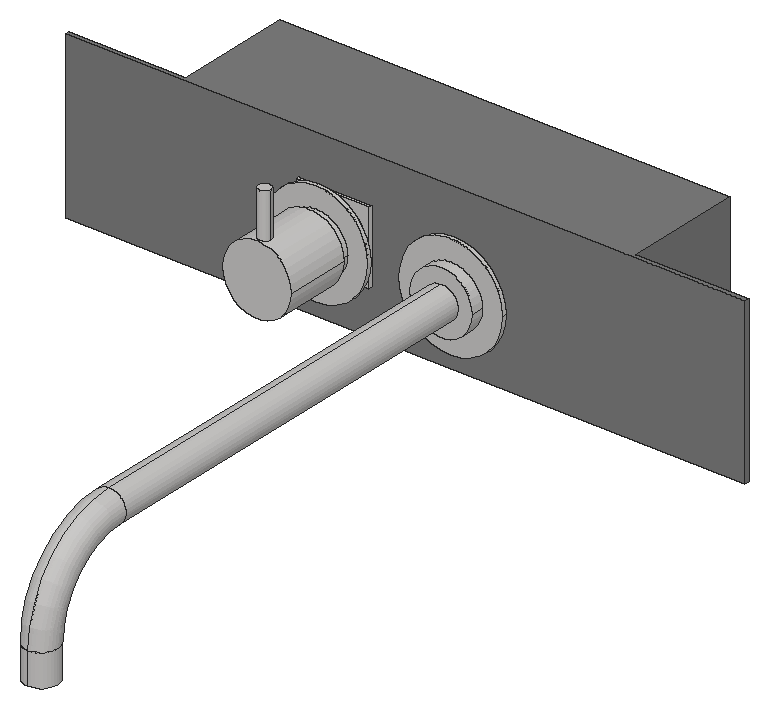
Revit family "121-300", category Plumbing Fixtures, Revit 2021
Family settings
  Round Connector Dimension = Use Diameter
  Part Type = Normal
  Work Plane-Based = No
  Always vertical = Yes
  Cut with Voids When Loaded = No
  Shared = No
  Room Calculation Point = No
Parameters
  e-mail = "info@vola.com"
  URL = "http://vola.com"
  Telephone = "+45 7023 5500"
  Quality management standard = "ISO 9001"
  Organisation no. / DUNS no. = "17531328"
  Occupational health and safety management standard = "ISO 18001"
  Mounting Instructions = "http://vola.com/service/producturl.ashx?name=121%2f300"
  Model = "121/300"
  Mixer Offset [instance] = 12.00 mm
  Mixer = yes
  Materials and components information = "http://vola.com/service/producturl.ashx?name=121%2f300"
  Manufacturer = "VOLA A/S"
  Maintenance Instructions = "http://vola.com/service/producturl.ashx?name=121%2f300"
  Guarantee = "2 years"
  Flow = "5,00 l/min"
  Environmental management standard = "ISO 14000"
  Default Elevation = 0.00 mm
  Connection - All relevant connections = "½\" for water connection"
  Approvals = "http://vola.com/service/producturl.ashx?name=121%2f300"
Reference planes
  plane 1 "Center (Front/Back)": y = 0
  plane 2: z = 0
  plane 3 "Center (Left/Right)": x = 0
  plane 4 "Mixer plane": y = 12
  plane 5 "Wall Surface": y = 0
Forms (mm)
  Extrusion 1, solid, material "Stainless Steel", visible <- "Mixer"
    sketch origin (16.5, 10, 0) x (0, 0, 1) y (-1, 0, 0)
      loop
        circle (0, 16.5) r 16.5
    from 0 to 10
  Extrusion 2, solid, material "Stainless Steel", visible <- "Mixer"
    sketch origin (-99, 10, 21) x (-1, 0, 0) y (0, 0, -1)
      loop
        circle (-21, 21) r 19.5
    from 0 to 10
Dimensions and locks
  "Mixer Offset": plane 4 "Mixer plane" to plane 1 "Center (Front/Back)"
  aligned and locked: plane 2 to level
  aligned and locked: nested 4 to nested 4
  aligned and locked: nested 1 to plane 4 "Mixer plane"
  aligned and locked: nested 2 to plane 1 "Center (Front/Back)"
  aligned and locked: nested 3 to plane 1 "Center (Front/Back)"
  aligned and locked: plane 1 "Center (Front/Back)" to Extrusion 1
  aligned and locked: plane 1 "Center (Front/Back)" to Extrusion 2
Automatic sketch dimensions
  Extrusion 2 sketch curve to Extrusion 2 sketch curve = 0.00 mm  (x2)
  Extrusion 2 sketch curve to nested 1 = 1.50 mm
  Extrusion 2 sketch curve to nested 1 = 21.00 mm
  Extrusion 2 sketch curve to Extrusion 2 sketch curve = 19.50 mm
  radius of Extrusion 1 sketch curve to nested 1 = 0.00 mm
Nested families
  nested 1: "100" at (-39, 82.5, -70), visible <- "Mixer", type "100"
  nested 2: "001" at (0, 0, 0) x (-1, 0, 0) z (0, -1, 0), type "001"
  nested 3: "3001" at (-78, 0, 0) x (0, 0, 1) z (0, -1, 0), type "3001"
  nested 4: "NR28" at (-78, -2, 0), type "NR28"
  nested 5: "020-300" at (0, -2, 0), type "020-300"
Connectors
  piping at (-51, 57.5, -70), diameter 28
    settings: on nested 1, index 1, connector inside diameter 1.10236", connector length 0.00 mm, flow factor 0, pipe flow 0 GPM, pressure drop 0.00 psi, fitting loss kfactor 0, connector angle 0.00°, fixture units 0, engagement length 0.00 mm, angle of deflection 0.00°, flow configuration 0, flow direction 1, fitting loss method 0, system type 20, joint type 0, gender type 0, connector reference index -1, connector utility 0, adjustable connector no, is connector primary yes, connector description ""
  piping at (-105, 57.5, -70), diameter 28
    settings: on nested 1, index 2, connector inside diameter 1.10236", connector length 0.00 mm, flow factor 0, pipe flow 0 GPM, pressure drop 0.00 psi, fitting loss kfactor 0, connector angle 0.00°, fixture units 0, engagement length 0.00 mm, angle of deflection 0.00°, flow configuration 0, flow direction 1, fitting loss method 0, system type 19, joint type 0, gender type 0, connector reference index -1, connector utility 0, adjustable connector no, is connector primary no, connector description ""
Definition of nested family "100"
  Parameters
    e-mail = "info@vola.com"
    URL = "http://vola.com"
    Telephone = "+45 7023 5500"
    Quality management standard = "ISO 9001"
    Organisation no. / DUNS no. = "17531328"
    Occupational health and safety management standard = "ISO 18001"
    Mounting Instructions = "http://vola.com/service/producturl.ashx?name=100"
    Model = "100"
    Materials and components information = "http://vola.com/service/producturl.ashx?name=100"
    Manufacturer = "VOLA A/S"
    Maintenance Instructions = "http://vola.com/service/producturl.ashx?name=100"
    Guarantee = "2 years"
    Flow = "18,00 l/min"
    Environmental management standard = "ISO 14000"
    Default Elevation = 0.00 mm
    Connection - All relevant connections = ""
    Approvals = "http://vola.com/service/producturl.ashx?name=100"
  Reference planes
    plane 1 "Center (Front/Back)": y = 0
    plane 2: z = 0
    plane 3 "Center (Left/Right)": x = 0
    plane 4 "Front Plane": y = -72.5
    plane 5 "Inlet Center Plane": y = -25
    plane 6: z = 70
  Forms (mm)
    Extrusion 1, solid
      sketch origin (0, 0, 1) x (1, 0, 0) y (0, 0, 1)
        loop
          circle (39, 69) r 16.5
      from 70.5 to 72.5
    Extrusion 2, solid
      sketch origin (1032.5, -2.5, 1) x (-1, 0, 0) y (0, 0, -1)
        loop
          line (1092.5, -90) -> (1092.5, -48) -> (1050.5, -48) -> (1050.5, -90) -> (1092.5, -90)
      from 68 to 70
    Extrusion 3, solid
      sketch origin (0, 0, 1) x (1, 0, 0) y (0, 1, 0)
        loop
          line (-127.5, 0) -> (-127.5, -68) -> (132.5, -68) -> (132.5, 0) -> (-127.5, 0)
      from 21.5 to 116.5
    Extrusion 4, solid
      sketch origin (0, 0, 22.5) x (0, 1, 0) y (1, 0, 0)
        loop
          circle (-25, -12) r 14
      from 0 to 22.5
    Extrusion 5, solid
      sketch origin (-54, 0, 22.5) x (0, 1, 0) y (1, 0, 0)
        loop
          circle (-25, -12) r 14
      from 0 to 22.5
    Extrusion 6, solid
      sketch origin (0, 0, 1) x (1, 0, 0) y (0, 1, 0)
        loop
          line (-195, -68) -> (-195, -70.5) -> (197.5, -70.5) -> (197.5, -68) -> (-195, -68)
      from 21.5 to 116.5
  Cuts and joins
    joined: Extrusion 3, Extrusion 6
  Lines and regions (mm)
    reference lines
      curve 1: line (-39, -25, 70) -> (-39, -122.5, 70)
      curve 2: line (39, -25, 70) -> (39, -122.5, 70)
      curve 3: line (-66, -25, 70) -> (-66, -25, -29)
      curve 4: line (-12, -25, 70) -> (-12, -25, -29)
  Dimensions and locks
    aligned and locked: plane 2 to level
    aligned and locked: plane 6 to curve 4
    aligned and locked: plane 6 to curve 3
    aligned and locked: Extrusion 3 to Extrusion 6
    aligned and locked: Extrusion 6 to Extrusion 3
Definition of nested family "001"
  Parameters
    e-mail = "info@vola.com"
    URL = "http://vola.com"
    Telephone = "+45 7023 5500"
    Quality management standard = "ISO 9001"
    Organisation no. / DUNS no. = "17531328"
    Occupational health and safety management standard = "ISO 18001"
    Mounting Instructions = "http://vola.com/service/producturl.ashx?name=001"
    Model = "001"
    Materials and components information = "http://vola.com/service/producturl.ashx?name=001"
    Manufacturer = "VOLA A/S"
    Maintenance Instructions = "http://vola.com/service/producturl.ashx?name=001"
    Guarantee = "2 years"
    Environmental management standard = "ISO 14000"
    Default Elevation = 1219.20 mm
    Connection - All relevant connections = ""
    Approvals = "http://vola.com/service/producturl.ashx?name=001"
  Reference planes
    plane 1 "Center (Front/Back)": y = 0
    plane 2: z = 0
    plane 3 "Center (Left/Right)": x = 0
  Forms (mm)
    Extrusion 1, solid
      sketch origin (0, 0, 0) x (1, 0, 0) y (0, 1, 0)
        loop
          circle (0, 0) r 16.5
        loop
          circle (0, 0) r 30
      from 0 to 2
  Dimensions and locks
    aligned and locked: plane 2 to level
Definition of nested family "3001"
  Parameters
    e-mail = "info@vola.com"
    URL = "http://vola.com"
    Telephone = "+45 7023 5500"
    Quality management standard = "ISO 9001"
    Organisation no. / DUNS no. = "17531328"
    Occupational health and safety management standard = "ISO 18001"
    Mounting Instructions = "http://vola.com/service/producturl.ashx?name=3001"
    Model = "3001"
    Materials and components information = "http://vola.com/service/producturl.ashx?name=3001"
    Manufacturer = "VOLA A/S"
    Maintenance Instructions = "http://vola.com/service/producturl.ashx?name=3001"
    Guarantee = "2 years"
    Environmental management standard = "ISO 14000"
    Default Elevation = 1219.20 mm
    Connection - All relevant connections = ""
    Approvals = "http://vola.com/service/producturl.ashx?name=3001"
  Reference planes
    plane 1 "Center (Front/Back)": y = 0
    plane 2: z = 0
    plane 3 "Center (Left/Right)": x = 0
  Forms (mm)
    Extrusion 1, solid
      sketch origin (0, 0, 0) x (1, 0, 0) y (0, 1, 0)
        loop
          circle (0, 0) r 18
        loop
          circle (0, 0) r 30
      from 0 to 2
  Dimensions and locks
    aligned and locked: plane 2 to level
Definition of nested family "NR28"
  Parameters
    e-mail = "info@vola.com"
    URL = "http://vola.com"
    Telephone = "+45 7023 5500"
    Quality management standard = "ISO 9001"
    Organisation no. / DUNS no. = "17531328"
    Occupational health and safety management standard = "ISO 18001"
    Mounting Instructions = "http://vola.com/service/producturl.ashx?name=NR28"
    Model = "NR28"
    Materials and components information = "http://vola.com/service/producturl.ashx?name=NR28"
    Manufacturer = "VOLA A/S"
    Maintenance Instructions = "http://vola.com/service/producturl.ashx?name=NR28"
    Guarantee = "2 years"
    Environmental management standard = "ISO 14000"
    Default Elevation = 0.00 mm
    Connection - All relevant connections = ""
    Approvals = "http://vola.com/service/producturl.ashx?name=NR28"
  Reference planes
    plane 1 "Center (Front/Back)": y = 0
    plane 2: z = 0
    plane 3 "Center (Left/Right)": x = 0
  Forms (mm)
    Extrusion 1, solid
      sketch origin (0, 0, 0) x (1, 0, 0) y (0, 0, 1)
        loop
          circle (0, 0) r 20
      from 5 to 42.5
    Extrusion 2, solid
      sketch origin (0, -2.75, 0) x (0, -1, 0) y (1, 0, 0)
        loop
          circle (34.5, 0) r 3.5
      from 19 to 45.5
    Extrusion 3, solid
      sketch origin (0, 0, 0) x (1, 0, 0) y (0, 0, 1)
        loop
          circle (0, 0) r 18
      from 0 to 5
  Cuts and joins
    joined: Extrusion 1, Extrusion 2
  Lines and regions (mm)
    model lines
      curve 1: line (6.05, -42.5, 19.141) -> (6.05, -42.5, -19.141)
      curve 2: line (-6.05, -42.5, 19.141) -> (-6.05, -42.5, -19.141)
  Dimensions and locks
    aligned and locked: plane 2 to level
Definition of nested family "020-300"
  Parameters
    e-mail = "info@vola.com"
    URL = "http://vola.com"
    Telephone = "+45 7023 5500"
    Quality management standard = "ISO 9001"
    Organisation no. / DUNS no. = "17531328"
    Occupational health and safety management standard = "ISO 18001"
    Mounting Instructions = "http://vola.com/service/producturl.ashx?name=020%2f300"
    Model = "020/300"
    Materials and components information = "http://vola.com/service/producturl.ashx?name=020%2f300"
    Manufacturer = "VOLA A/S"
    Maintenance Instructions = "http://vola.com/service/producturl.ashx?name=020%2f300"
    Guarantee = "2 years"
    Environmental management standard = "ISO 14000"
    Default Elevation = 0.00 mm
    Connection - All relevant connections = ""
    Approvals = "http://vola.com/service/producturl.ashx?name=020%2f300"
  Reference planes
    plane 1 "Center (Front/Back)": y = 0
    plane 2: z = 0
    plane 3 "Center (Left/Right)": x = 0
  Forms (mm)
    Extrusion 1, solid
      sketch origin (0, 0, 0) x (1, 0, 0) y (0, 0, 1)
        loop
          circle (0, 0) r 18
      from 0 to 7
    Sweep 2, solid
      path origin (0, 0, 0) x (0, 1, 0) y (0, 0, 1)
        loop
          line (-7, 0) -> (-247, 0)
          arc (-247, 0) -> (-281.648, -14.352) -> (-296, -49) r 49
      profile origin (0, -281.648, -14.352) x (0, 0.707107, -0.707107) y (1, 0, 0)
        loop
          circle (0, 0) r 9.5
    Extrusion 3, solid
      sketch origin (0, -296, -49) x (0, -1, 0) y (-1, 0, 0)
        loop
          circle (0, 0) r 9.5
      from 0 to 18.5
  Dimensions and locks
    aligned and locked: plane 2 to level
